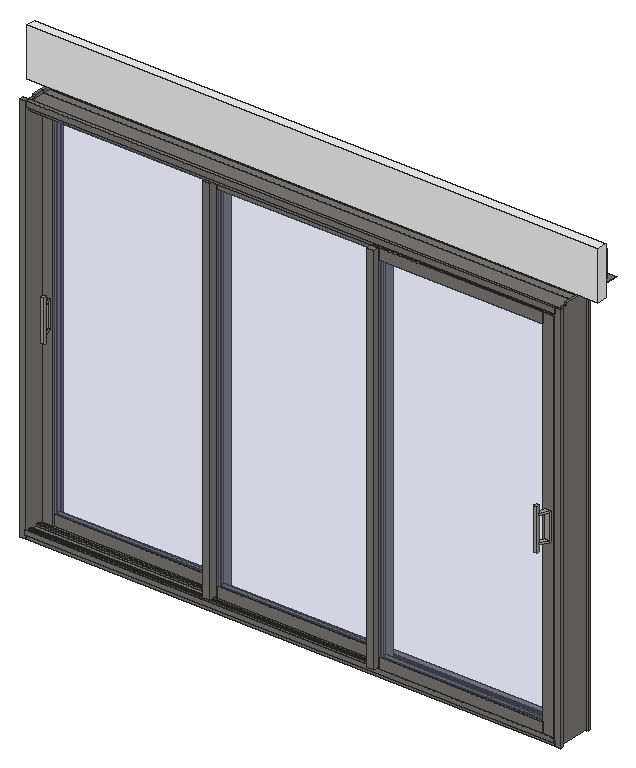
Revit family "K-LINE COULISSANT NEUF-KLBC3R-3V - Bloc Baie VR", category Fenêtres, Revit 2017 (continued)
Definition of nested family "Bloc Baie VR"
  Reference planes
    plane 19: y = -103
    plane 20: y = -95
    plane 21: y = -185
    plane 22: z = 2468
    plane 23: y = 95
    plane 24: y = -50
    plane 25: z = 2346
    plane 26: y = 45
    plane 27: y = 62
    plane 28: y = 54
    plane 29: y = 35
    plane 30: y = -75
  Forms (mm)
    Extrusion 1, solid, material <- "Couleur Ext"
      sketch origin (0, 0, 0) x (1, 0, 0) y (0, 1, 0)
        loop
          line (755.5, 64.85) -> (793.05, 64.85) -> (793.05, 51.15) -> (755.5, 51.15) -> (755.5, 46.977) -> (778.205, 45) -> (800, 45) -> (800, 71) -> (778.205, 71) -> (755.5, 69.023) -> (755.5, 64.85)
        loop
          line (-755.5, 64.85) -> (-755.5, 69.023) -> (-778.205, 71) -> (-800, 71) -> (-800, 45) -> (-778.205, 45) -> (-755.5, 46.977) -> (-755.5, 51.15) -> (-793.05, 51.15) -> (-793.05, 64.85) -> (-755.5, 64.85)
      from 0 to 2195
    Extrusion 2, solid, visible <- "Sous face cornière blanc"
      sketch origin (0, 0, 0) x (0, 1, 0) y (0, 0, 1)
        loop
          line (-185, 2161) -> (-95, 2161) -> (-95, 2195) -> (-96.844, 2195) -> (-96.844, 2163) -> (-185, 2163) -> (-185, 2161)
      from -800 to 800
    Extrusion 3, solid, material <- "Couleur Ext", visible <- "Sous-face"
      sketch origin (0, 0, 0) x (0, 1, 0) y (0, 0, 1)
        loop
          line (-185, 2161) -> (-95, 2161) -> (-95, 2195) -> (-96.844, 2195) -> (-96.844, 2163) -> (-185, 2163) -> (-185, 2161)
      from -800 to 800
    Extrusion 4, solid, material <- "Couleur Ext", visible <- "Sous-face"
      sketch origin (0, 32.5, 0) x (0, 1, 0) y (0, 0, 1)
        loop
          line (-107.5, 2189) -> (-107.5, 2163) -> (2.5, 2163) -> (2.5, 2189) -> (-107.5, 2189)
      from -800 to 800
    Extrusion 5, solid, visible <- "Coffre Ext"
      sketch origin (0, 0, 0) x (0, 1, 0) y (0, 0, 1)
        loop
          line (0, 2399) -> (-50, 2399) -> (-103, 2346) -> (-103, 2189) -> (0, 2189) -> (0, 2399)
      from -812 to 812
    Extrusion 6, solid, visible <- "Demi linteau"
      sketch origin (0, 0, 0) x (0, 1, 0) y (0, 0, 1)
        loop
          line (58, 2439.976) -> (58, 2468) -> (0, 2468) -> (0, 2195) -> (95, 2195) -> (95, 2427.671) -> (58, 2439.976)
      from -920 to 920
    Extrusion 7, solid, material <- "Couleur lames", visible <- "Visibilité des lames"
      sketch origin (0, -5, 0) x (0, 1, 0) y (0, 0, 1)
        loop
          line (67, 2013) -> (67, 2045.496) -> (59, 2047.639) -> (59, 2013) -> (67, 2013)
        loop
          line (67, 2085.496) -> (59, 2087.639) -> (59, 2049.639) -> (67, 2047.496) -> (67, 2085.496)
        loop
          line (67, 2125.496) -> (59, 2127.639) -> (59, 2089.639) -> (67, 2087.496) -> (67, 2125.496)
        loop
          line (67, 2165.496) -> (59, 2167.639) -> (59, 2129.639) -> (67, 2127.496) -> (67, 2165.496)
        loop
          line (67, 2195) -> (59, 2195) -> (59, 2169.639) -> (67, 2167.496) -> (67, 2195)
      from -790 to 790
    Extrusion 8, solid, visible <- "Coffre Int rectangle"
      sketch origin (0, 0, 0) x (0, 1, 0) y (0, 0, 1)
        loop
          line (95, 2468) -> (0, 2468) -> (0, 2195) -> (95, 2195) -> (95, 2468)
      from -920 to 920
    Extrusion 9, solid, material <- "Couleur Ext", visible <- "Profil finition Classic et thermo"
      sketch origin (0, 0, 0) x (0, 1, 0) y (0, 0, 1)
        loop
          line (0, 2163) -> (45, 2163) -> (45, 2195) -> (0, 2195) -> (0, 2163)
      from -800 to 800
  Lines and regions (mm)
    symbolic lines
      curve 1: line (0, 71, 2195) -> (0, 71, 0)
      curve 2: line (0, 71, 0) -> (0, 45, 0)
      curve 3: line (0, 45, 0) -> (0, 45, 2195)
    symbolic lines, detail levels medium+fine
      curve 4: line (920, 95, 0) -> (-920, 95, 0)
      curve 5: line (-920, 95, 0) -> (-920, 0, 0)
      curve 6: line (-920, 0, 0) -> (-800, 0, 0)
      curve 7: line (920, 95, 0) -> (920, 0, 0)
      curve 8: line (920, 0, 0) -> (800, 0, 0)
  Dimensions and locks
    equal spacing: plane 4, plane 3 "Centre (gauche/droite)", plane 5
    "Largeur": plane 4 to plane 5
    "Dépassement lat coffre": plane 6 to plane 5
    "Dépassement lat coffre": plane 7 to plane 4
    locked: plane 9 to plane 5 at 44.5
    locked: plane 10 to plane 4 at 44.5
    "Hauteur": plane 11 to plane 2
    "Position coffre": plane 12 "Base coffre" to plane 11
    locked: plane 4 to plane 14 at 12
    locked: plane 5 to plane 13 at 12
    locked: plane 11 to plane 15 at 150
    locked: plane 16 to plane 5 at 10
    locked: plane 17 to plane 4 at 10
    "Ht coffre Ext": plane 12 "Base coffre" to plane 18
    "Prof coffre Ext": plane 1 "Centre (avant/arrière)" to plane 19
    "Lg cornière": plane 20 to plane 21
    "Prof coffre Int": plane 23 to plane 1 "Centre (avant/arrière)"
    "Ht coffre Int": plane 12 "Base coffre" to plane 22
    "Chanfrein Ext": plane 18 to plane 25
    "Chanfrein Ext": plane 24 to plane 19
    locked: plane 22 to Extrusion 6 sketch curve at 28.024
    locked: plane 23 to Extrusion 6 sketch curve at 37
    locked: plane 26 to plane 8 at 26
    locked: plane 26 to plane 28 at 9
    locked: plane 27 to plane 8 at 9
    locked: plane 26 to plane 29 at 10
    locked: plane 29 to plane 30 at 110
    locked: plane 30 to plane 20 at 20
    "Position coulisses": plane 1 "Centre (avant/arrière)" to plane 26
    aligned and locked: level to plane 2
    aligned and locked: Extrusion 1 sketch curve to plane 9
    aligned and locked: plane 4 to Extrusion 1 sketch curve
    aligned and locked: Extrusion 1 sketch curve to plane 10  (x2)
    aligned and locked: plane 11 to Extrusion 2 sketch curve
    aligned and locked: plane 5 to Extrusion 1 sketch curve
    aligned and locked: Extrusion 3 to plane 4
    aligned and locked: Extrusion 2 to plane 4
    aligned and locked: plane 5 to Extrusion 3
    aligned and locked: plane 5 to Extrusion 2
    aligned and locked: plane 11 to Extrusion 4 sketch curve
    aligned and locked: Extrusion 4 to plane 4
    aligned and locked: plane 5 to Extrusion 4
    aligned and locked: plane 14 to Extrusion 5
    aligned and locked: plane 13 to Extrusion 5
    aligned and locked: Extrusion 6 sketch curve to plane 12 "Base coffre"
    aligned and locked: plane 7 to Extrusion 6
    aligned and locked: Extrusion 6 to plane 6
    aligned and locked: plane 12 "Base coffre" to Extrusion 7 sketch curve
    aligned and locked: plane 17 to Extrusion 7
    aligned and locked: plane 16 to Extrusion 7
    aligned and locked: plane 20 to Extrusion 3 sketch curve
    aligned and locked: Extrusion 3 sketch curve to plane 21
    aligned and locked: plane 12 "Base coffre" to Extrusion 3 sketch curve
    aligned and locked: plane 20 to Extrusion 2 sketch curve
    aligned and locked: plane 12 "Base coffre" to Extrusion 2 sketch curve
    aligned and locked: Extrusion 2 sketch curve to plane 21
    aligned and locked: plane 19 to Extrusion 5
    aligned and locked: Extrusion 5 sketch curve to plane 18
    aligned and locked: plane 22 to Extrusion 6
    aligned and locked: Extrusion 8 sketch curve to plane 12 "Base coffre"
    aligned and locked: Extrusion 8 sketch curve to plane 1 "Centre (avant/arrière)"
    aligned and locked: Extrusion 8 sketch curve to plane 22
    aligned and locked: plane 6 to Extrusion 8
    aligned and locked: plane 7 to Extrusion 8
    aligned and locked: plane 8 to Extrusion 1 sketch curve
    aligned and locked: Extrusion 6 sketch curve to plane 23
    aligned and locked: plane 22 to import instance  (x2)
    aligned and locked: import instance to plane 1 "Centre (avant/arrière)"
    aligned and locked: plane 1 "Centre (avant/arrière)" to import instance
    aligned and locked: Extrusion 8 sketch curve to plane 23
    aligned and locked: plane 4 to nested 2
    aligned and locked: plane 5 to nested 1
    aligned and locked: Extrusion 7 sketch curve to plane 28  (x5)
    aligned and locked: plane 27 to Extrusion 7 sketch curve  (x5)
    aligned and locked: plane 26 to Extrusion 1 sketch curve
    aligned and locked: Extrusion 1 sketch curve to plane 26
    aligned and locked: plane 26 to nested 1
    aligned and locked: nested 2 to plane 26
    aligned and locked: Extrusion 4 sketch curve to plane 29
    aligned and locked: plane 30 to Extrusion 4 sketch curve
    aligned and locked: Extrusion 1 to plane 12 "Base coffre"
    aligned and locked: Extrusion 1 to plane 2
    aligned and locked: plane 11 to Extrusion 9 sketch curve
    aligned and locked: plane 1 "Centre (avant/arrière)" to Extrusion 9 sketch curve
    aligned and locked: plane 12 "Base coffre" to Extrusion 9 sketch curve
    aligned and locked: Extrusion 9 sketch curve to plane 26
    aligned and locked: plane 5 to Extrusion 9
    aligned and locked: Extrusion 9 to plane 4
    aligned and locked: plane 26 to curve 3
    aligned and locked: plane 23 to curve 4
  Automatic sketch dimensions
    Extrusion 7 sketch curve to plane 15 = 0.00 mm
    plane 11 to Extrusion 7 sketch curve = 2.496 mm
    Extrusion 7 sketch curve to Extrusion 7 sketch curve = 32.496 mm
    Extrusion 7 sketch curve to Extrusion 7 sketch curve = 2.00 mm  (x8)
    Extrusion 7 sketch curve to Extrusion 7 sketch curve = 0.144 mm  (x3)
    Extrusion 7 sketch curve to Extrusion 7 sketch curve = 35.856 mm  (x2)
    plane 11 to Extrusion 7 sketch curve = 4.639 mm
    curve 3 to level = 0.00 mm
    curve 2 to plane 8 = 0.00 mm
    plane 12 "Base coffre" to curve 3 = 0.00 mm
    plane 12 "Base coffre" to curve 1 = 0.00 mm
    curve 4 to plane 7 = 0.00 mm
    plane 1 "Centre (avant/arrière)" to curve 6 = 0.00 mm
    curve 6 to plane 4 = 0.00 mm
    plane 1 "Centre (avant/arrière)" to curve 8 = 0.00 mm
    curve 8 to plane 5 = 0.00 mm
    curve 7 to plane 6 = 0.00 mm
    Extrusion 2 sketch curve to Extrusion 2 sketch curve = 1.844 mm
    Extrusion 2 sketch curve to plane 11 = 2.00 mm  (x2)
    Extrusion 3 sketch curve to plane 11 = 0.00 mm
    Extrusion 3 sketch curve to Extrusion 3 sketch curve = 1.844 mm
    Extrusion 3 sketch curve to plane 11 = 2.00 mm
    Extrusion 3 sketch curve to Extrusion 3 sketch curve = 2.00 mm
    plane 12 "Base coffre" to Extrusion 4 sketch curve = 6.00 mm
    Extrusion 5 sketch curve to plane 19 = 0.00 mm
    plane 1 "Centre (avant/arrière)" to Extrusion 5 sketch curve = 0.00 mm
    plane 12 "Base coffre" to Extrusion 5 sketch curve = 6.00 mm
    Extrusion 5 sketch curve to plane 25 = 0.00 mm
    Extrusion 5 sketch curve to plane 24 = 0.00 mm
    Extrusion 6 sketch curve to plane 22 = 0.00 mm
    plane 18 to Extrusion 6 sketch curve = 28.671 mm
    Extrusion 6 sketch curve to plane 1 "Centre (avant/arrière)" = 0.00 mm
    Extrusion 1 sketch curve to plane 9 = 0.00 mm
    plane 8 to Extrusion 1 sketch curve = 0.00 mm
    plane 17 to Extrusion 1 sketch curve = 3.05 mm
    Extrusion 1 sketch curve to plane 17 = 11.795 mm  (x2)
    Extrusion 1 sketch curve to plane 16 = 11.795 mm  (x2)
    plane 16 to Extrusion 1 sketch curve = 3.05 mm
    Extrusion 1 sketch curve to plane 26 = 1.977 mm  (x2)
    plane 8 to Extrusion 1 sketch curve = 1.977 mm  (x2)
    Extrusion 1 sketch curve to plane 27 = 2.85 mm  (x2)
    plane 28 to Extrusion 1 sketch curve = 2.85 mm  (x2)
  Nested families
    nested 1: "Détail 2D coulisse demi-linteau" at (800, 45, 0), type "Détail 2D coulisse demi-linteau"
    nested 2: "Détail 2D coulisse demi-linteau" at (-800, 45, 0) x (-1, 0, 0) z (0, 0, 1), type "Détail 2D coulisse demi-linteau"
  Definition of nested family "Détail 2D coulisse demi-linteau"
    Reference planes
      plane 1 "Centre (avant/arrière)": y = 0
      plane 2: z = 0
      plane 3 "Centre (gauche/droite)": x = 0
    Lines and regions (mm)
      Filled region 1, type "Uni - Gris", in view "Niveau de réf.", detail levels medium+fine
        outline origin (0, 0, 0) x (1, 0, 0) y (0, 1, 0)
          loop
            line (-21.795, 26) -> (-44.5, 24.023) -> (-44.5, 19.85) -> (-6.95, 19.85) -> (-6.95, 6.15) -> (-44.5, 6.15) -> (-44.5, 1.977) -> (-21.795, 0) -> (0, 0) -> (0, 26) -> (-21.795, 26)
      Filled region 2, type "Uni - Blanc", in view "Niveau de réf.", detail levels coarse
        outline origin (0, 0, 0) x (1, 0, 0) y (0, 1, 0)
          loop
            line (-44.5, 26) -> (-44.5, 0) -> (0, 0) -> (0, 26) -> (-44.5, 26)
    Dimensions and locks
      aligned and locked: plane 3 "Centre (gauche/droite)" to Filled region 1 sketch curve
      aligned and locked: plane 1 "Centre (avant/arrière)" to Filled region 1 sketch curve
      aligned and locked: Filled region 2 sketch curve to Filled region 1  (x4)
Definition of nested family "Texte Hors abaques"
  Parameters
    Largeur = "800 < Largeur < 1100"
    Hors abaques = "HORS ABAQUES"
    Hauteur = "2050 < Hauteur < 2350"
    Attention = "!"
  Reference planes
    plane 1: y = 0
    plane 2: x = 0
  Lines and regions (mm)
    Filled region 1, type "Filled region 1"
      outline origin (0, -0.352, 0) x (1, 0, 0) y (0, 1, 0)
        loop
          line (0, 1.813) -> (-1.453, 0.361) -> (-0.004, -1.088) -> (1.449, 0.364) -> (0, 1.813)
  Text (mm)
    label "!" at (0.005, -0.025, 0), shows "Attention"
    label "HORS ABAQUES\n\nMini < Largeur < Maxi\n\nMini < Hauteur < Maxi" at (0.005, -4.005, 0), shows "Hors abaques", "Largeur", "Hauteur"
